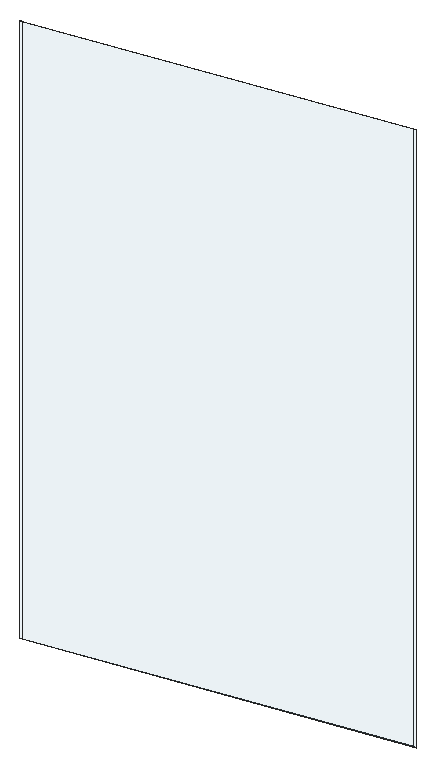
Revit family "M_Painel - Vidro", category Balaústres, Revit 2019
Family settings
  Sempre na vertical = Sim
  Corte com vazios quando carregada = Não
  Compartilhado = Não
Parameters (values of type "800mm")
  Comprimento = 800 mm
  built-in parameter 1008623 [instance] = (empty or 0)
  Espessura da vidraça = 5 mm
  built-in parameter 1008625 [instance] = 32.47°
  Poste = no
  Material = Vidro
  built-in parameter 1008624 [instance] = (empty or 0)
  built-in parameter 1008622 [instance] = 900 mm
  Assembly Code = ""
Reference planes
  plane 1 "Centro (Frente/Trás)": y = 0
  plane 2: z = 0
  plane 3 "Centro (Esquerda/Direita)": x = -4.225
  plane 4: z = 900
  plane 5 "Ângulo de inclinação (Superior)": through (0, 407.639, 640.605) normal (0, -0.5369, -0.8437)
  plane 6 "Ângulo de inclinação (Inferior)": through (0, 0, 0) normal (0, -0.5369, -0.8437)
  plane 7 "Parte frontal": y = 400
  plane 8 "Parte posterior": y = -400
  plane 9: x = -6.725
  plane 10: x = -1.725
Forms (mm)
  Extrusion 1, solid, material "Vidro" <- "Material"
    sketch origin (-4.225, 0, 0) x (0, 1, 0) y (0, 0, 1)
      loop
        line (400, -254.534) -> (400, 645.466) -> (-400, 1154.534) -> (-400, 254.534) -> (400, -254.534)
    from -2.5 to 2.5
Text (mm)
  text "Elevação do painel do balaústre" at (0, 1021.817, 1234.25), in view "Esquerda"
Dimensions and locks
  "built-in parameter 1008622": plane 2 to plane 4
  equal spacing: plane 7 "Parte frontal", plane 1 "Centro (Frente/Trás)", plane 8 "Parte posterior"
  "Comprimento": plane 7 "Parte frontal" to plane 8 "Parte posterior"
  "Espessura da vidraça": plane 9 to plane 10
  equal spacing: plane 9, plane 3 "Centro (Esquerda/Direita)", plane 10
  "built-in parameter 1008625": angle plane 4 to plane 5 "Ângulo de inclinação (Superior)"
  "built-in parameter 1008625": angle level to plane 6 "Ângulo de inclinação (Inferior)"
  aligned and locked: Extrusion 1 sketch curve to plane 8 "Parte posterior"
  aligned and locked: Extrusion 1 to plane 10
  aligned and locked: plane 9 to Extrusion 1
  aligned and locked: Extrusion 1 sketch curve to plane 6 "Ângulo de inclinação (Inferior)"
  aligned and locked: plane 5 "Ângulo de inclinação (Superior)" to Extrusion 1 sketch curve
Automatic sketch dimensions
  Extrusion 1 sketch curve to plane 7 "Parte frontal" = 0 mm
